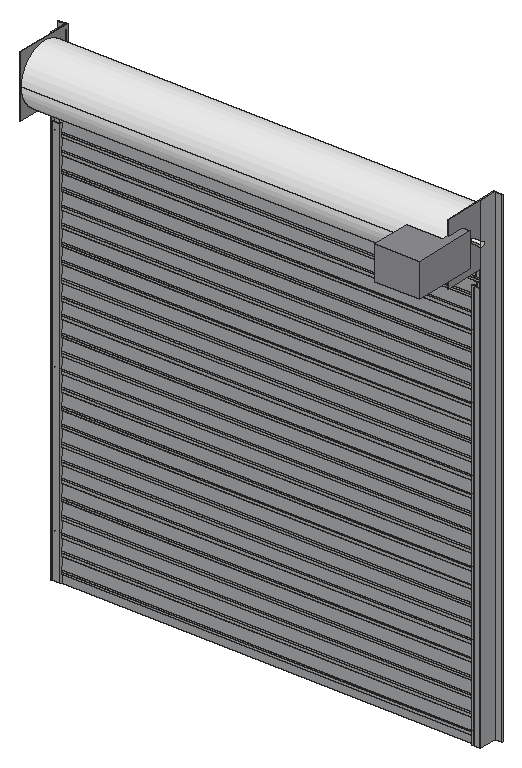
Revit family "Upward-Coiling-Security-Grilles_OHD_Model-674_compact", category Specialty Equipment, host Wall, Revit 2023
Family settings
  Host = Wall
  Round Connector Dimension = Use Diameter
  Part Type = Normal
  OmniClass Number = 23.30.10.21.34
  OmniClass Title = Industrial Doors
  Enable Cutting in Views = No
  Always vertical = Yes
  Cut with Voids When Loaded = Yes
  Maintain Annotation Orientation = No
  Shared = No
  Room Calculation Point = No
Parameters (values of type "115 volts, one phase, 60 Hz (110-120V range)")
  Warning Sign [instance] = if(Calculated Area > 683.00 SF, 1 = 1, 1 = 2)  # no
  Warning (Note) [instance] = if(Warning Sign, "The Door Area is out of the limit; please adjust accordingly. The maximum allowed area is 683 sq. ft.", if(Opening Height > 360", "Headroom Clearance Dimensions - out of the limits. Consult Factory", " "))  # " "
  Wall Thickness [instance] = 6"
  Voltage = 115 V
  Version = "1.00.01"  # constant formula
  True Opening Width [instance] = if(Between Jambs Mounting, Door Width True, Clear Width)  # 120"
  True Opening Height [instance] = if(Between Jambs Mounting, Clear Height + Headroom Height, Clear Height)  # 120"
  M2 Value [instance] = if(Face Of Wall Mounting, 4 3/4", 5 1/2")  # 4 3/4"
  Jambs Offset 2 [instance] = if(Between Jambs Mounting, BJ Displacement Real 2 + G Value, 0")  # 0"
  Door Half 1 [instance] = if(Between Jambs Mounting, Clear Width / 2 + BJ Displacement Real 1 + G Value, Clear Width / 2 + M1 Value)  # 64 3/4"
  Default Elevation = 0"
  Date Updated = "2026/05/29"  # constant formula
  Curtain Type [instance] = "Perforated"  # constant formula
  Slat Length [instance] = Clear Width + G Value * 2 - 1" / 2 * 2  # 124"
  Slat Height [instance] = 14 73/256"  # constant formula
  Product Page URL = "https://www.overheaddoor.com/upward-coiling-security-grilles-674"
  Power Factor = 1
  Powder Coat (Note) = "PowderGuard® Premium powder coat finish options are available in approximately 200 colors as well as custom matching to specification. PowderGuard® Textured finish, a thicker, more scratch resistant coat, is available in 11 colors providing enhanced scratch resistance as well as aiding in hiding the dirt and blemishes that often occur in commercial environments.​"  # constant formula
  Operator Visibility = yes
  Operation (Note) [instance] = "Door could operate by manual push, crank, electrical operator or chain hoist. Manual push up and crank could be used up to 80 sf, for larger door sizes you have to use Chain Hoist operator."  # constant formula
  Opening Width Real [instance] = if(Opening Width > Max Opening Width, Max Opening Width, if(Opening Width < Min Opening Width, Min Opening Width, Opening Width))  # 120"
  Opening Width [instance] = 120"
  Opening Height Real [instance] = if(Opening Height > Max Opening Height, Max Opening Height, if(Opening Height < Min Opening Height, Min Opening Height, Opening Height))  # 120"
  Opening Height [instance] = 120"
  One Array element [instance] = not(Array Vis)  # no
  Number of Poles = 1
  Motor Type [instance] = if(Between Jambs Mounting, if(Motor Option < 2, "CDX", if(Motor Option = 2, "E-Egress", if(Motor Option = 3, "RSX Front of Hood", "RSX Top of Hood"))), if(Motor Option < 2, "CDX", if(Motor Option = 2, "E-Egress", if(Motor Option = 3, "RSX Front of Hood", if(Motor Option = 4, "RSX Top of Hood", if(Motor Option = 5, "RSX Wall Mount", "RSX Bench Mount"))))))  # "CDX"
  Motor Selection (Note) [instance] = "Generic operator shown. Contact Overhead Door when dimensions are critical. "  # constant formula
  Motor Position [instance] = M1 Value - G Value  # 2 1/4"
  Motor Option Real [instance] = if(Between Jambs Mounting, if(Motor Option < 1, 1, if(Motor Option > 4, 4, Motor Option)), if(Motor Option < 1, 1, if(Motor Option > 6, 6, Motor Option)))  # 1
  Motor Option [instance] = 1
  Min Opening Width [instance] = 76"  # constant formula
  Min Opening Height [instance] = 76"  # constant formula
  Max Opening Width [instance] = 364"  # constant formula
  Max Opening Height [instance] = 208"  # constant formula
  M1 Value [instance] = if(Face Of Wall Mounting, 4 3/4", if(Chain Hoist or Manual, 5 1/2", 9 1/2"))  # 4 3/4"
  Lookup BD (A) [instance] = if(or(Opening Height Real < 79", Opening Height Real = 79"), 15", if(or(Opening Height Real < 130", Opening Height Real = 130"), 17", if(or(Opening Height Real < 190", Opening Height Real = 190"), 19", if(or(Opening Height Real < 234", Opening Height Real = 234"), 21", if(or(Opening Height Real < 270", Opening Height Real = 270"), 23", 25")))))  # 17"
  Jambs Offset 1 [instance] = if(Between Jambs Mounting, BJ Displacement Real 1 + G Value, 0")  # 0"
  Installation Real [instance] = if(Between Jambs Mounting, if((Wall Thickness / 2 - Guid Depth / 2) < 0", 0", Wall Thickness / 2 - Guid Depth / 2), Wall Thickness)  # 6"
  Hood Type [instance] = if(Hood Option < 2, "No Hood", if(Hood Option = 2, "Square Hood", if(Hood Option = 3, "Octagon Hood", "Round Hood")))  # "No Hood"
  Hood Option [instance] = 1
  Hood Offset [instance] = if(Chain Hoist or Manual, 3", 5")  # 5"
  Hood Material [instance] = Metal - Overhead Door - Gray
  Hood Height [instance] = [Lookup HH (B)]  # 18"
  Lookup HH (B) [instance] = if(or(Opening Height Real < 79", Opening Height Real = 79"), 16", if(or(Opening Height Real < 130", Opening Height Real = 130"), 18", if(or(Opening Height Real < 190", Opening Height Real = 190"), 20", if(or(Opening Height Real < 234", Opening Height Real = 234"), 22", if(or(Opening Height Real < 270", Opening Height Real = 270"), 24", 26")))))  # 18"
  Headroom Height Real [instance] = [Lookup HH (B)] + Hood Offset  # 23"
  Headroom Height [instance] = if(Between Jambs Mounting, Headroom Height Real, if(Hood Option > 1, Headroom Height Real + 1 1/2", Headroom Height Real))  # 23"
  Guide Type [instance] = if(Between Jambs Mounting, "Angled Between Jambs Z Guide", "Angled Z Guide")  # "Angled Z Guide"
  Guide Option [instance] = if(Between Jambs Mounting, 1, 2)  # 2
  Guid Depth [instance] = if(Between Jambs Mounting, D Value + 1/4", D Value)  # 5 1/2"
  G Value [instance] = 2 1/2"  # constant formula
  Frequency = 60 Hz
  Face of Wall Offset [instance] = if(Between Jambs Mounting, 0", 5")  # 5"
  Face Of Wall Mounting [instance] = not(Between Jambs Mounting)  # yes
  Door Width True [instance] = if(Between Jambs Mounting, Clear Width + BJ Displacement Real 1 + BJ Displacement Real 2 + G Value * 2, Clear Width + M1 Value + M2 Value)  # 129 1/2"
  Door Width (Real) [instance] = if(Between Jambs Mounting, Clear Width, Clear Width + 1" / 2)  # 120 1/2"
  Door Height True [instance] = Clear Height + Headroom Height  # 143"
  Door Height (Real) [instance] = Clear Height + Hood Offset  # 125"
  URL = "https://www.overheaddoor.com/"
  Product data url = "https://www.bimobject.com/overhead-door/product/upward-coiling-security-grilles-674"
  Product Guid = "3a0baff3-2843-4a5d-9b17-2c4668db9905"
  Model = "674"  # constant formula
  Manufacturer = "Overhead Door Corporation"  # constant formula
  Wall Closure = By host
  Floor To (CL) of Shaft [instance] = Clear Height + Hood Height / 2 + Hood Offset  # 134"
  Finish Material = Metal - Overhead Door - Aluminum
  Description = "Model 674 Security Grille"  # constant formula
  D Value [instance] = 5 1/2"  # constant formula
  Curtain Material [instance] = Metal - Overhead Door - Aluminum
  Clear Width [instance] = if(Between Jambs Mounting, Opening Width Real - BJ Displacement Real 1 - BJ Displacement Real 2 - G Value * 2, Opening Width Real)  # 120"
  Clear Height [instance] = if(Between Jambs Mounting, Opening Height Real - Headroom Height, Opening Height Real)  # 120"
  Chain Hoist or Manual = no
  Current = 20 A
  BimObject_Variable_Connectors = "No"  # constant formula
  Between Jambs Mounting [instance] = no
  Between Jambs Guides Offset 2 [instance] = M2 Value - G Value  # 2 1/4"
  Between Jambs Guides Offset 1 [instance] = M1 Value - G Value  # 2 1/4"
  Bar [instance] = if(and(Hood Option > 1, Face Of Wall Mounting), 1 = 1, 1 = 2)  # no
  Backroom Depth [instance] = [Lookup BD (A)]  # 17"
  BJ Opening Cut [instance] = if(Between Jambs Mounting, Headroom Height, 0")  # 0"
  BJ Displacement Real 2 [instance] = if(Between Jambs Mounting, Between Jambs Guides Offset 2, 0")  # 0"
  BJ Displacement Real 1 [instance] = if(Between Jambs Mounting, Between Jambs Guides Offset 1, 0")  # 0"
  Array Vis [instance] = if(Array < 2, 1 = 2, 1 = 1)  # yes
  Array Real [instance] = if(Array < 2, 2, Array)  # 9
  Array Length [instance] = (Array) * Slat Height  # 128 145/256"
  Array [instance] = rounddown(([Door Height (Real)] - 3") / Slat Height) + 1  # 9
  Calculated Area [instance] = [Door Width (Real)] * [Door Height (Real)]  # 104.601 SF
  Apparent Load Phase 3 = if(Number of Poles = 1, 0 VA, (Voltage * Current * sqrt(3)) / 3)  # 0 VA
  Apparent Load Phase 2 = if(Number of Poles = 1, 0 VA, (Voltage * Current * sqrt(3)) / 3)  # 0 VA
  Apparent Load Phase 1 = if(Number of Poles = 1, Voltage * Current, (Voltage * Current * sqrt(3)) / 3)  # 2300 VA
Reference planes (in)
  plane 1 "Center (Front/Back)": y = -14.625
  plane 2 "Center (Left/Right)": x = 0
  plane 3 "Left": x = -60
  plane 4 "Right": x = 60
  plane 5 "Exterior": y = -8.625
  plane 6 "Interior": y = -14.625
  plane 7: x = 64.75
  plane 8: x = -64.75
  plane 9: z = 120
  plane 10 "Main": y = -19.75
  plane 11 "Backroom Depth": y = -32.125
  plane 12 "Main Door Block": y = -15.125
  plane 13 "Bottom Bar": z = 2.75
  plane 14: y = -20.125
  plane 15: z = 131.31641
  plane 16: z = 143
  plane 17: z = 125
  plane 18: z = 144.5
  plane 19: z = 0
  plane 20: z = 60
  plane 21: y = -19.625
  plane 22: y = 18.375
  plane 23: y = -41.625
  plane 24 "Headroom Top": z = 143
  plane 25: z = 134
  plane 26: x = 62.5
  plane 27: x = -62.5
  plane 28: z = 117.03125
Forms (in)
  Extrusion 1, void
    sketch origin (0, -15.125, 0) x (0, 0, -1) y (-1, 0, 0)
      loop
        line (-120, 60) -> (-120, -60) -> (0, -60) -> (0, 60) -> (-120, 60)
    from 0.5 to 6.5
  Extrusion 2, solid, material "Metal - Overhead Door - Gray" <- "Hood Material", visible <- "Bar"
    sketch origin (0, 0, 0) x (0, 1, 0) y (0, 0, 1)
      loop
        line (-14.875, 143) -> (-14.625, 143) -> (-14.625, 144.5) -> (-14.875, 144.5) -> (-14.875, 143)
    from -62.25 to 62.25
Lines and regions (in)
  symbolic lines, visible <- "Bar"
    curve 1: line (62.25, -14.625, 0) -> (-62.25, -14.625, 0)
    curve 2: line (-62.25, -14.875, 0) -> (62.25, -14.875, 0)
Text (in)
  text "Exterior" at (-74.96733, 27.31104, 0), in view "Ref. Level"
  text "Interior" at (-74.96733, -25.14366, 0), in view "Ref. Level"
  text "Exterior" at (0, 40.15149, 123.01588), in view "Right"
  text "Interior" at (0, -64.39139, 123.01588), in view "Right"
  text "Interior" at (0, -31.01599, 123.00693), in view "Left"
  text "Exterior" at (0, 54.57065, 123.00693), in view "Left"
Dimensions and locks (in)
  equal spacing: plane 3 "Left", plane 2 "Center (Left/Right)", plane 4 "Right"
  "Clear Width": plane 3 "Left" to plane 4 "Right"
  level to host wall = 459.59655"
  "Clear Height": level to plane 9
  plane 7 to plane 8 = 129 1/2"
  locked: plane 13 "Bottom Bar" to level at 2.75
  "Door Width True": plane 7 to plane 8
  locked: plane 14 to plane 10 "Main" at 0.375
  "Array Length": plane 15 to plane 13 "Bottom Bar"
  "Backroom Depth": plane 11 "Backroom Depth" to plane 12 "Main Door Block"
  "Hood Height": plane 16 to plane 17
  locked: plane 18 to plane 16 at 1.5
  locked: Extrusion 2 sketch curve to Extrusion 2 sketch curve at 0.25
  "Installation Real": plane 1 "Center (Front/Back)" to plane 5 "Exterior"
  "Wall Thickness": host wall to host wall
  equal spacing: plane 9, plane 20, plane 19
  equal spacing: plane 22, host wall, plane 23
  locked: plane 22 to plane 23 at 60
  "BJ Opening Cut": Extrusion 1 sketch curve to plane 9
  locked: Extrusion 2 sketch curve to Extrusion 2 sketch curve at 1.5
  "Hood Offset": plane 17 to plane 9
  "Headroom Height": plane 24 "Headroom Top" to plane 9
  "Floor To (CL) of Shaft": plane 25 to level
  "Jambs Offset 1": plane 4 "Right" to Extrusion 1 sketch curve
  "Jambs Offset 2": Extrusion 1 sketch curve to plane 3 "Left"
  "Between Jambs Guides Offset 1": plane 7 to plane 26
  "Between Jambs Guides Offset 2": plane 27 to plane 8
  locked: plane 27 to Extrusion 2 at 0.25
  locked: Extrusion 2 to plane 26 at 0.25
  "Guid Depth": plane 14 to plane 1 "Center (Front/Back)"
  "Slat Height": plane 15 to plane 28
  equal spacing: group 1, group 3, group 4, group 5, group 6, group 7, group 8, group 9, group 2  (x3)
  locked: plane 14 to plane 21 at 0.5
  "Door Half 1": plane 7 to plane 2 "Center (Left/Right)"
  aligned and locked: plane 5 "Exterior" to host wall
  aligned and locked: host wall to plane 6 "Interior"
  aligned and locked: level to Extrusion 1 sketch curve
  aligned and locked: Extrusion 1 to plane 5 "Exterior"
  aligned and locked: plane 6 "Interior" to Extrusion 1
  aligned and locked: nested 1 to plane 2 "Center (Left/Right)"
  aligned and locked: plane 16 to nested 2
  aligned and locked: nested 1 to level
  aligned and locked: Extrusion 2 sketch curve to plane 18
  aligned and locked: Extrusion 2 sketch curve to plane 6 "Interior"
  aligned and locked: curve 1 to Extrusion 2  (x2)
  aligned and locked: curve 2 to Extrusion 2  (x2)
  aligned and locked: Extrusion 2 to curve 2
  aligned and locked: plane 5 "Exterior" to nested 2
  aligned and locked: level to plane 19
  aligned and locked: nested 1 to plane 1 "Center (Front/Back)"
  aligned and locked: plane 2 "Center (Left/Right)" to nested 3
  aligned and locked: nested 3 to plane 22
  aligned and locked: plane 23 to nested 4
  aligned and locked: nested 4 to plane 2 "Center (Left/Right)"
  aligned and locked: nested 5 to plane 20
  aligned and locked: plane 2 "Center (Left/Right)" to nested 5
  aligned and locked: nested 2 to plane 26
  aligned and locked: plane 13 "Bottom Bar" to nested 6
  aligned and locked: plane 28 to nested 7
  aligned and locked: nested 5 to plane 21
  aligned and locked: nested 6 to plane 10 "Main"
  aligned and locked: nested 7 to plane 10 "Main"
Automatic sketch dimensions
  curve 1 to curve 2 = 0"
Nested families (in)
  nested 1: "Lifts" at (0, -14.625, 0), type "Frame Unit"
    with Square Hood no, Round Hood no, Octagon Hood no
  nested 2: "Motor" at (62.0605, -31.625, 125), visible <- "Operator Visibility", type "Trolley Motor"
    with Not Chain Hoist no, Not Bench + Top yes, Horizontal Mount 0", Vertical Mount 18", Motor Option 1, Hood Mount 6.81", Face+Top no, Face Mount RSX no, Face + Top + Bench no, E-Egress no, Chain V Offset 9", Chain H Offset 0", CH Real no, CDX yes
  nested 3: "Label Annotation 1" at (0, 18.375, 0), visible <- "Warning Sign", type "Label Annotation 1"
  nested 4: "Label Annotation 1" at (0, -41.625, 0) x (-1, 0, 0) z (0, 0, 1), visible <- "Warning Sign", type "Label Annotation 1"
  nested 5: "Warning Sign" at (0, -19.625, 60), visible <- "Warning Sign", type "Warning Sign"
    with Warning Sign no
  nested 6: "626" at (0, -19.75, 2.75), visible <- "Array Vis", Opening Width <- "Slat Length", type "Standard - Gray"
    with Void Offset 3/8", Void Height 3.544", Slat Width 0.438", Slat Position + Offset 16.658", Slat Position 14.286", Slat Option 1, Opening Width 124", Cutout Width Offset 1", Cutout Vertical Offset 2.372", Cutout Thickness 3/4", Cutout Horizontal Offset 1"
  nested 7: "626" at (0, -19.75, 117.03125), visible <- "Array Vis", Opening Width <- "Slat Length", type "Standard - Gray"
    with Void Offset 3/8", Void Height 3.544", Slat Width 0.438", Slat Position + Offset 16.658", Slat Position 14.286", Slat Option 1, Opening Width 124", Cutout Width Offset 1", Cutout Vertical Offset 2.372", Cutout Thickness 3/4", Cutout Horizontal Offset 1"
  nested 8: "626" at (0, -19.75, 17.03516), visible <- "Array Vis", Opening Width <- "Slat Length", type "Standard - Gray"
    with Void Offset 3/8", Void Height 3.544", Slat Width 0.438", Slat Position + Offset 16.658", Slat Position 14.286", Slat Option 1, Opening Width 124", Cutout Width Offset 1", Cutout Vertical Offset 2.372", Cutout Thickness 3/4", Cutout Horizontal Offset 1"
  nested 9: "626" at (0, -19.75, 31.32031), visible <- "Array Vis", Opening Width <- "Slat Length", type "Standard - Gray"
    with Void Offset 3/8", Void Height 3.544", Slat Width 0.438", Slat Position + Offset 16.658", Slat Position 14.286", Slat Option 1, Opening Width 124", Cutout Width Offset 1", Cutout Vertical Offset 2.372", Cutout Thickness 3/4", Cutout Horizontal Offset 1"
  nested 10: "626" at (0, -19.75, 45.60547), visible <- "Array Vis", Opening Width <- "Slat Length", type "Standard - Gray"
    with Void Offset 3/8", Void Height 3.544", Slat Width 0.438", Slat Position + Offset 16.658", Slat Position 14.286", Slat Option 1, Opening Width 124", Cutout Width Offset 1", Cutout Vertical Offset 2.372", Cutout Thickness 3/4", Cutout Horizontal Offset 1"
  nested 11: "626" at (0, -19.75, 59.89063), visible <- "Array Vis", Opening Width <- "Slat Length", type "Standard - Gray"
    with Void Offset 3/8", Void Height 3.544", Slat Width 0.438", Slat Position + Offset 16.658", Slat Position 14.286", Slat Option 1, Opening Width 124", Cutout Width Offset 1", Cutout Vertical Offset 2.372", Cutout Thickness 3/4", Cutout Horizontal Offset 1"
  nested 12: "626" at (0, -19.75, 74.17578), visible <- "Array Vis", Opening Width <- "Slat Length", type "Standard - Gray"
    with Void Offset 3/8", Void Height 3.544", Slat Width 0.438", Slat Position + Offset 16.658", Slat Position 14.286", Slat Option 1, Opening Width 124", Cutout Width Offset 1", Cutout Vertical Offset 2.372", Cutout Thickness 3/4", Cutout Horizontal Offset 1"
  nested 13: "626" at (0, -19.75, 88.46094), visible <- "Array Vis", Opening Width <- "Slat Length", type "Standard - Gray"
    with Void Offset 3/8", Void Height 3.544", Slat Width 0.438", Slat Position + Offset 16.658", Slat Position 14.286", Slat Option 1, Opening Width 124", Cutout Width Offset 1", Cutout Vertical Offset 2.372", Cutout Thickness 3/4", Cutout Horizontal Offset 1"
  nested 14: "626" at (0, -19.75, 102.74609), visible <- "Array Vis", Opening Width <- "Slat Length", type "Standard - Gray"
    with Void Offset 3/8", Void Height 3.544", Slat Width 0.438", Slat Position + Offset 16.658", Slat Position 14.286", Slat Option 1, Opening Width 124", Cutout Width Offset 1", Cutout Vertical Offset 2.372", Cutout Thickness 3/4", Cutout Horizontal Offset 1"
Connectors (in)
  electrical at (65.0485, -30.23077, 135.5698), driven by "Apparent Load Phase 1", driven by "Power Factor", driven by "Voltage", driven by "Apparent Load Phase 2", driven by "Apparent Load Phase 3", driven by "Number of Poles"
    settings: on nested 2, index 1, voltage 115 V, apparent load 0 VA, apparent load phase1 2300 VA, apparent load phase2 0 VA, apparent load phase3 0 VA, power factor 1, load classification "Other", number of poles 1, system type 31, power factor state 1, is connector primary yes, connector utility no, sub classification motor no, connector description "Electrical Connector"
Definition of nested family "Lifts"
  Parameters (values of type "Frame Unit")
    True Width = if(Between Jambs, Opening Width, Opening Width + 1/2")  # 120 1/2"
    Square Hood [instance] = if(Hood Option = 2, 1 = 1, 1 = 2)  # no
    Slat Option = 1
    Round Hood [instance] = if(Hood Option > 3, 1 = 1, 1 = 2)  # no
    Rough Width = 0"
    Rough Height = 0"
    Octagon Hood [instance] = if(Hood Option = 3, 1 = 1, 1 = 2)  # no
    No Hood = if(Hood Option < 2, 1 = 1, 1 = 2)  # yes
    M2 Value = 4 3/4"
    M1 Value = 4 3/4"
    Hood Type = if(Hood Option < 2, "No Hood", if(Hood Option = 2, "Square Hood", if(Hood Option = 3, "Octagon Hood", "Round Hood")))  # "No Hood"
    Hood Option = 1
    Hood Offset = 5"
    Hood Height = Headroom Height Real - Hood Offset  # 18"
    Headroom Height Real = Headroom Height  # 23"
    Half Octagon Side = (Radius Hood * 2 * tan(180.00° / 8)) / 2  # 3.52082"
    Half Hood Height = Headroom Height - Hood Offset  # 18"
    Guide Z2 Wide = if(Between Jambs, Guide Offset 2 - G Value + BJ Connection Length 2 - BJ2 Displacement * 2 / 3, M2 Value - G Value)  # 2 1/4"
    Guide Z1 Wide = if(Between Jambs, Guide Offset 1 - G Value + BJ Connection Length 1 - BJ1 Displacement * 2 / 3, M1 Value - G Value)  # 2 1/4"
    Guide Offset 2 = BJ2 Displacement + G Value  # 2 1/2"
    Guide Offset 1 = BJ1 Displacement + G Value  # 2 1/2"
    G Value = 2 1/2"
    E2 Guide Width = if(Between Jambs, Guide Offset 2 - G Value + BJ Connection Length 2 - BJ2 Displacement * 2 / 3, 3")  # 3"
    E1 Guide Width = if(Between Jambs, Guide Offset 1 - G Value + BJ Connection Length 1 - BJ1 Displacement * 2 / 3, 3")  # 3"
    E Guide Height = D Value - 1/2"  # 5"
    Z Guide = 1 = 1  # yes
    Slat Material = none
    Shaft Offset = if(Hood Option > 3, (Header Width - (Header Width - Hood Height)) / 2, if(Hood Height < Header Width, (Header Width - (Header Width - Hood Height)) / 2, Header Width / 2))  # 8 1/2"
    Shaft Material = none
    Shaft Length 1 = if(Between Jambs, G Value + BJ1 Displacement, G Value + 3")  # 5 1/2"
    Shaft Length 2 = if(Between Jambs, G Value + BJ2 Displacement, G Value + 3")  # 5 1/2"
    Setback = 0"  # constant formula
    Radius Hood = Shaft Offset  # 8 1/2"
    Opening Width = 120"
    Hood Material = none
    Headroom Height = 23"
    Header Width = 17"
    Opening Height = 120"
    Guide Type = if(Between Jambs, "Angled Between Jambs Z Guide", if(Guide Option > 1, "Angled Z Guide", "Angled E Guide"))  # "Angled Z Guide"
    Guide Option = if(Between Jambs, 1, 2)  # 2
    Guide Z Height = D Value  # 5 1/2"
    Floor To (CL) of Shaft = 134"
    Finish Material = none
    Face to Wall Mount = not(Between Jambs)  # yes
    E Guide = if(Between Jambs, 1 = 1, 1 = 2)  # no
    Default Elevation = 0"
    D Value = 5 1/2"
    Custom Hood = not(No Hood)  # no
    Between Jambs = no
    BJ2 Displacement = 0"
    BJ1 Displacement = 0"
    BJ Position = if(Between Jambs, 1/4", 0")  # 0"
    BJ Connection Length 2 = 1 / 3 * BJ2 Displacement  # 0"
    BJ Connection Length 1 = 1 / 3 * BJ1 Displacement  # 0"
    Angled Guide = 1 = 1  # yes
  Reference planes (in)
    plane 1 "Center (Front/Back)": y = 0
    plane 2: z = 0
    plane 3 "Center (Left/Right)": x = 0
    plane 4 "Opening Height": z = 120
    plane 5: x = -65.5
    plane 6: x = 65.5
    plane 7: z = 143
    plane 8: y = 17
    plane 9 "Real Opening 2": x = -60
    plane 10 "Real Opening 1": x = 60
    plane 11: z = 125
    plane 12 "Main": y = 0
    plane 13: z = 134
    plane 14: y = 8.5
    plane 15: x = 62.5
    plane 16: x = -62.5
    plane 17: x = -62.5
    plane 18: x = 62.5
    plane 19: y = 5.5
    plane 20: x = -62.25
    plane 21: x = 62.25
    plane 22: y = 8.5
    plane 23: z = 144.5
    plane 24: y = 5.5
    plane 25: y = 4.75
    plane 26: y = 5.5
    plane 27: y = 4.75
    plane 28: y = 8.5
  Forms (in)
    Extrusion 1, solid, material <- "Slat Material"
      sketch origin (0, 0, 0) x (0, 1, 0) y (0, 0, 1)
        loop
          line (5, 2.375) -> (5, 2.75) -> (4.5, 2.75) -> (4.5, 2.375) -> (5, 2.375)
      from -62.25 to 62.25
    Extrusion 2, solid, material <- "Slat Material"
      sketch origin (0, 0, 0) x (0, 1, 0) y (0, 0, 1)
        loop
          line (5, 2.375) -> (4.5, 2.375) -> (4.5, 0) -> (5, 0) -> (5, 2.375)
      from -62.25 to 62.25
    Extrusion 3, solid, material <- "Shaft Material"
      sketch origin (0, -5.35201, 0) x (0, 1, 0) y (0, 0, 1)
        loop
          circle (13.85201, 134) r 0.6
      from -65.5 to 65.5
    Extrusion 4, solid, material <- "Hood Material", visible <- "Square Hood"
      sketch origin (0, 0, 0) x (0, 1, 0) y (0, 0, 1)
        loop
          line (0, 125) -> (17, 125) -> (17, 143) -> (0, 143) -> (0, 125)
      from -62.25 to 62.25
    Extrusion 5, solid, material <- "Hood Material", visible <- "Round Hood"
      sketch origin (0, 0, 0) x (0, 1, 0) y (0, 0, 1)
        loop
          line (0, 143) -> (0, 125) -> (8.5, 125)
          arc (8.5, 125) -> (17.5, 134) -> (8.5, 143) r 9
          line (8.5, 143) -> (0, 143)
      from -62.25 to 62.25
    Extrusion 6, solid, material <- "Finish Material", visible <- "E Guide"
      sketch origin (0, 0, 0) x (1, 0, 0) y (0, 1, 0)
        loop
          line (59.5, 0) -> (62.312, 0)
          arc (62.312, 0) -> (62.44494, 0.05506) -> (62.5, 0.188) r 0.188
          line (62.5, 0.188) -> (62.5, 5) -> (62.25, 5) -> (62.25, 0.25) -> (59.5, 0.25) -> (59.5, 0)
        loop
          line (-59.5, 0) -> (-59.5, 0.25) -> (-62.25, 0.25) -> (-62.25, 5) -> (-62.5, 5) -> (-62.5, 0.188)
          arc (-62.5, 0.188) -> (-62.44494, 0.05506) -> (-62.312, 0) r 0.188
          line (-62.312, 0) -> (-59.5, 0)
      from 0 to 143
    Extrusion 7, solid, material <- "Finish Material", visible <- "Z Guide"
      sketch origin (0, 0, 0) x (1, 0, 0) y (0, 1, 0)
        loop
          line (64.75, 0) -> (64.75, 0.25) -> (62.75, 0.25) -> (62.75, 5.5) -> (62.5, 5.5) -> (62.5, 0.188)
          arc (62.5, 0.188) -> (62.55506, 0.05506) -> (62.688, 0) r 0.188
          line (62.688, 0) -> (64.75, 0)
        loop
          line (-64.75, 0) -> (-62.688, 0)
          arc (-62.688, 0) -> (-62.55506, 0.05506) -> (-62.5, 0.188) r 0.188
          line (-62.5, 0.188) -> (-62.5, 5.5) -> (-62.75, 5.5) -> (-62.75, 0.25) -> (-64.75, 0.25) -> (-64.75, 0)
      from 0 to 143
    Extrusion 8, solid, material <- "Finish Material", visible <- "Angled Guide"
      sketch origin (0, 0, 0) x (1, 0, 0) y (0, 1, 0)
        loop
          line (60, 5.5) -> (60, 5) -> (60.5625, 5) -> (60.5625, 5.3125) -> (62.3125, 5.3125) -> (62.3125, 4.1875) -> (60.5625, 4.1875) -> (60.5625, 4.5) -> (60, 4.5) -> (60, 4) -> (62.5, 4) -> (62.5, 5.5) -> (60, 5.5)
        loop
          line (-60, 5.5) -> (-62.5, 5.5) -> (-62.5, 4) -> (-60, 4) -> (-60, 4.5) -> (-60.5625, 4.5) -> (-60.5625, 4.1875) -> (-62.3125, 4.1875) -> (-62.3125, 5.3125) -> (-60.5625, 5.3125) -> (-60.5625, 5) -> (-60, 5) -> (-60, 5.5)
      from 0 to 120
    Extrusion 9, solid, material <- "Hood Material"
      sketch origin (0, 0, 0) x (-1, 0, 0) y (0, 0, 1)
        loop
          line (62.25, 125) -> (62.5, 125) -> (62.5, 143) -> (62.25, 143) -> (62.25, 125)
        loop
          line (-62.5, 125) -> (-62.25, 125) -> (-62.25, 143) -> (-62.5, 143) -> (-62.5, 125)
      from 0 to 17
    Extrusion 10, solid, material <- "Shaft Material", visible <- "No Hood"
      sketch origin (0, 0, 0) x (0, 1, 0) y (0, 0, 1)
        loop
          circle (8.5, 134) r 8.5
      from -62.25 to 62.25
    Extrusion 11, solid, material <- "Hood Material", visible <- "Octagon Hood"
      sketch origin (0, 0, 0) x (0, 1, 0) y (0, 0, 1)
        loop
          line (0, 143) -> (0, 125) -> (12.02082, 125) -> (17, 130.47918) -> (17, 137.52082) -> (12.02082, 143) -> (0, 143)
      from -62.25 to 62.25
  Lines and regions (in)
    Masking region 1
      outline origin (0, 0, 0) x (1, 0, 0) y (0, 1, 0)
        loop
          line (65.5, 9.1) -> (62.5, 9.1) -> (62.5, 7.9) -> (65.5, 7.9) -> (65.5, 9.1)
        loop
          line (-65.5, 7.9) -> (-62.5, 7.9) -> (-62.5, 9.1) -> (-65.5, 9.1) -> (-65.5, 7.9)
    Masking region 2, visible <- "Z Guide"
      outline origin (0, 0, 0) x (1, 0, 0) y (0, 1, 0)
        loop
          line (-62.5, 0.188) -> (-62.5, 5.5) -> (-62.75, 5.5) -> (-62.75, 0.25) -> (-64.75, 0.25) -> (-64.75, 0) -> (-62.688, 0)
          arc (-62.688, 0) -> (-62.55506, 0.05506) -> (-62.5, 0.188) r 0.188
        loop
          line (62.5, 5.5) -> (62.5, 0.188)
          arc (62.5, 0.188) -> (62.55506, 0.05506) -> (62.688, 0) r 0.188
          line (62.688, 0) -> (64.75, 0) -> (64.75, 0.25) -> (62.75, 0.25) -> (62.75, 5.5) -> (62.5, 5.5)
    Masking region 3, visible <- "E Guide"
      outline origin (0, 0, 0) x (1, 0, 0) y (0, 1, 0)
        loop
          line (62.5, 0.188) -> (62.5, 5) -> (62.25, 5) -> (62.25, 0.25) -> (59.5, 0.25) -> (59.5, 0) -> (62.312, 0)
          arc (62.312, 0) -> (62.44494, 0.05506) -> (62.5, 0.188) r 0.188
        loop
          line (-62.25, 0.25) -> (-62.25, 5) -> (-62.5, 5) -> (-62.5, 0.188)
          arc (-62.5, 0.188) -> (-62.44494, 0.05506) -> (-62.312, 0) r 0.188
          line (-62.312, 0) -> (-59.5, 0) -> (-59.5, 0.25) -> (-62.25, 0.25)
    Masking region 4, visible <- "No Hood"
      outline origin (0, 0, 0) x (1, 0, 0) y (0, 1, 0)
        loop
          line (-62.25, 17) -> (-62.25, 0) -> (62.25, 0) -> (62.25, 17) -> (-62.25, 17)
    Masking region 5, visible <- "Custom Hood"
      outline origin (0, 0, 0) x (1, 0, 0) y (0, 1, 0)
        loop
          line (-62.25, 17) -> (-62.25, 0) -> (62.25, 0) -> (62.25, 17) -> (-62.25, 17)
    Masking region 6
      outline origin (0, 0, 0) x (1, 0, 0) y (0, 1, 0)
        loop
          line (-62.5, 17) -> (-62.5, 0) -> (-62.25, 0) -> (-62.25, 17) -> (-62.5, 17)
        loop
          line (62.25, 17) -> (62.25, 0) -> (62.5, 0) -> (62.5, 17) -> (62.25, 17)
    symbolic lines
      curve 1: line (-62.25, 0, 0) -> (-62.25, 17, 0)
      curve 2: line (62.25, 17, 0) -> (62.25, 0, 0)
    symbolic lines, visible <- "Octagon Hood"
      curve 3: line (-62.25, 12.02082, 0) -> (62.25, 12.02082, 0)
  Dimensions and locks (in)
    Extrusion 1 sketch curve to level = 2 3/8"
    locked: Extrusion 1 sketch curve to Extrusion 1 sketch curve at 0.5
    locked: Extrusion 2 sketch curve to level at 2.375
    "Headroom Height Real": plane 7 to plane 4 "Opening Height"
    plane 8 to plane 1 "Center (Front/Back)" = 17"
    "Radius Hood": Extrusion 5 sketch curve to plane 8
    "Opening Height": plane 4 "Opening Height" to level
    "Hood Offset": plane 11 to plane 4 "Opening Height"
    "BJ Position": plane 12 "Main" to plane 1 "Center (Front/Back)"
    "Header Width": plane 12 "Main" to plane 8
    "Floor To (CL) of Shaft": plane 13 to level
    "Shaft Offset": Extrusion 3 sketch curve to plane 8
    locked: Extrusion 2 sketch curve to Extrusion 2 sketch curve at 0.5
    "Shaft Offset": plane 8 to plane 14
    locked: Masking region 1 sketch curve to Masking region 1 sketch curve at 1.2
    locked: Masking region 1 sketch curve to plane 14 at 0.6
    "Guide Offset 1": plane 10 "Real Opening 1" to plane 15
    "Guide Offset 2": plane 16 to plane 9 "Real Opening 2"
    locked: Extrusion 6 sketch curve to Extrusion 6 sketch curve at 0.25  (x4)
    "E Guide Height": Extrusion 6 sketch curve to Extrusion 6 sketch curve  (x2)
    "E1 Guide Width": Extrusion 6 sketch curve to Extrusion 6 sketch curve
    "E2 Guide Width": Extrusion 6 sketch curve to Extrusion 6 sketch curve
    locked: Extrusion 7 sketch curve to Extrusion 7 sketch curve at 0.25  (x4)
    "Guide Z1 Wide": Extrusion 7 sketch curve to Extrusion 7 sketch curve
    "Guide Z Height": Extrusion 7 sketch curve to Extrusion 7 sketch curve  (x2)
    "Guide Z2 Wide": Extrusion 7 sketch curve to Extrusion 7 sketch curve
    "G Value": Extrusion 7 sketch curve to plane 9 "Real Opening 2"
    "G Value": plane 10 "Real Opening 1" to Extrusion 7 sketch curve
    "G Value": plane 10 "Real Opening 1" to plane 18
    "G Value": plane 17 to plane 9 "Real Opening 2"
    "Shaft Length 2": plane 5 to plane 9 "Real Opening 2"
    "Shaft Length 1": plane 6 to plane 10 "Real Opening 1"
    locked: Extrusion 2 to plane 18 at 0.25
    locked: Extrusion 2 to plane 17 at 0.25
    locked: plane 17 to plane 20 at 0.25
    locked: plane 21 to plane 18 at 0.25
    "Shaft Offset": Extrusion 10 sketch curve to plane 8
    plane 13 to plane 11 = 9"
    plane 7 to plane 13 = 9"
    "Shaft Offset": plane 22 to plane 8
    "Half Octagon Side": Extrusion 11 sketch curve to plane 13
    "Half Octagon Side": plane 13 to Extrusion 11 sketch curve
    "Half Octagon Side": plane 22 to Extrusion 11 sketch curve  (x2)
    equal spacing: plane 9 "Real Opening 2", plane 3 "Center (Left/Right)", plane 10 "Real Opening 1"
    "Opening Width": plane 9 "Real Opening 2" to plane 10 "Real Opening 1"
    locked: plane 23 to plane 7 at 1.5
    "D Value": plane 1 "Center (Front/Back)" to plane 19
    "D Value": plane 24 to plane 1 "Center (Front/Back)"
    locked: plane 24 to plane 25 at 0.75
    equal spacing: Extrusion 1 sketch curve, plane 25, Extrusion 1 sketch curve
    "D Value": plane 26 to plane 1 "Center (Front/Back)"
    locked: plane 26 to plane 27 at 0.75
    equal spacing: Extrusion 2 sketch curve, plane 27, Extrusion 2 sketch curve
    locked: Extrusion 8 sketch curve to Extrusion 8 sketch curve at 0.5  (x4)
    locked: Extrusion 8 sketch curve to Extrusion 8 sketch curve at 1.5  (x2)
    locked: Extrusion 8 sketch curve to Extrusion 8 sketch curve at 0.5625  (x2)
    locked: Extrusion 8 sketch curve to Extrusion 8 sketch curve at 0.1875  (x6)
    "Setback": Extrusion 8 sketch curve to plane 9 "Real Opening 2"
    "G Value": Extrusion 8 sketch curve to Extrusion 8 sketch curve  (x2)
    "Setback": plane 10 "Real Opening 1" to Extrusion 8 sketch curve
    "Shaft Offset": plane 8 to plane 28
    "Radius Hood": plane 28 to Masking region 4 sketch curve
    "Radius Hood": radius of Extrusion 10 sketch curve
    locked: Extrusion 7 sketch curve to Extrusion 7 sketch curve (radius 0.188")  (x2)
    locked: Extrusion 6 sketch curve to Extrusion 6 sketch curve (radius 0.188")  (x2)
    aligned and locked: plane 2 to level
    aligned and locked: plane 5 to Extrusion 3
    aligned and locked: Extrusion 3 to plane 6
    aligned and locked: Extrusion 4 sketch curve to plane 7
    aligned and locked: Extrusion 4 sketch curve to plane 8
    aligned and locked: Extrusion 5 sketch curve to plane 7
    aligned and locked: plane 13 to Extrusion 3 sketch curve
    aligned and locked: plane 5 to Masking region 1 sketch curve
    aligned and locked: plane 6 to Masking region 1 sketch curve
    aligned and locked: Masking region 1 sketch curve to Masking region 1 sketch curve  (x2)
    aligned and locked: plane 12 "Main" to Extrusion 6 sketch curve  (x2)
    aligned and locked: Extrusion 6 sketch curve to plane 15
    aligned and locked: plane 16 to Extrusion 6 sketch curve
    aligned and locked: Extrusion 7 sketch curve to plane 1 "Center (Front/Back)"  (x2)
    aligned and locked: plane 4 "Opening Height" to Extrusion 8
    aligned and locked: Extrusion 5 sketch curve to plane 12 "Main"
    aligned and locked: plane 12 "Main" to Extrusion 4 sketch curve
    aligned and locked: Extrusion 9 sketch curve to plane 11  (x2)
    aligned and locked: Extrusion 9 sketch curve to plane 7  (x2)
    aligned and locked: plane 17 to Extrusion 9 sketch curve
    aligned and locked: Extrusion 9 sketch curve to plane 18
    aligned and locked: Extrusion 2 to Extrusion 1
    aligned and locked: Extrusion 1 to Extrusion 2
    aligned and locked: Extrusion 9 to curve 1
    aligned and locked: Extrusion 9 to curve 2
    aligned and locked: plane 18 to Masking region 1 sketch curve
    aligned and locked: Masking region 1 sketch curve to plane 17
    aligned and locked: plane 20 to Extrusion 9 sketch curve
    aligned and locked: plane 21 to Extrusion 9 sketch curve
    aligned and locked: plane 20 to Extrusion 4
    aligned and locked: plane 20 to Extrusion 5
    aligned and locked: Extrusion 4 to plane 21
    aligned and locked: Extrusion 5 to plane 21
    aligned and locked: plane 13 to Extrusion 10 sketch curve
    aligned and locked: Extrusion 11 sketch curve to plane 12 "Main"
    aligned and locked: Extrusion 11 sketch curve to plane 7
    aligned and locked: Extrusion 11 sketch curve to plane 11
    aligned and locked: Extrusion 11 sketch curve to plane 8
    aligned and locked: Extrusion 11 to plane 20
    aligned and locked: Extrusion 11 to plane 21
    aligned and locked: plane 20 to Extrusion 10
    aligned and locked: Extrusion 10 to plane 21
    aligned and locked: plane 8 to Extrusion 9
    aligned and locked: Extrusion 11 to curve 3
    aligned and locked: plane 20 to curve 3
    aligned and locked: plane 21 to curve 3
    aligned and locked: plane 7 to Extrusion 7
    aligned and locked: plane 7 to Extrusion 6
    aligned and locked: Extrusion 4 sketch curve to plane 11
    aligned and locked: Extrusion 5 sketch curve to plane 11
    aligned and locked: Extrusion 8 sketch curve to Extrusion 8 sketch curve  (x4)
    aligned and locked: Extrusion 8 sketch curve to plane 19
    aligned and locked: plane 19 to Extrusion 8 sketch curve
    aligned and locked: Masking region 2 sketch curve to Extrusion 7  (x12)
    aligned and locked: Masking region 3 sketch curve to Extrusion 6  (x12)
    aligned and locked: Masking region 4 sketch curve to Extrusion 10  (x2)
    aligned and locked: plane 8 to Masking region 4 sketch curve
    aligned and locked: Masking region 5 sketch curve to Extrusion 4  (x4)
    aligned and locked: Masking region 6 sketch curve to Extrusion 9  (x8)
  Automatic sketch dimensions
    plane 1 "Center (Front/Back)" to curve 2 = 0"
    curve 1 to plane 1 "Center (Front/Back)" = 0"
    curve 2 to plane 8 = 0"
    curve 1 to plane 8 = 0"
    Extrusion 1 sketch curve to Extrusion 1 sketch curve = 3/8"
    Extrusion 2 sketch curve to level = 0"
    radius of Extrusion 3 sketch curve = 0.6"
Definition of nested family "Motor"
  Parameters (values of type "Trolley Motor")
    Wall Mount RSX = if(Chain Hoist, 1 = 2, if(Motor Option = 5, 1 = 1, 1 = 2))  # no
    Top Mount RSX = if(Chain Hoist, 1 = 2, if(Motor Option = 4, 1 = 1, 1 = 2))  # no
    Shaft Material = none
    Real Exterior Wall Offset = if(Wall Mount RSX, Displacement, Exterior Wall Offset)  # 6"
    Not Chain Hoist = not(or(CDX, Chain Hoist))  # yes
    Not Bench + Top = not(or([E-Egress], Top Mount RSX, Chain Hoist, Bench Mount RSX))  # no
    Horizontal Mount = if(or([E-Egress], Face Mount RSX), 5.08" + 0.12" + 2.38", if(Top Mount RSX, 11.19", if(Wall Mount RSX, 5.08", if(Bench Mount RSX, 4.77" + if(or(Hood Width < 14", Hood Width = 14"), 6.13", if(or(Hood Width < 16", Hood Width = 16"), 4.13", 3 1/4")), 0"))))  # 7.58"
    Not Fire King = if(Chain Hoist, 1 = 2, not(Chain Hoist))  # yes
    Vertical Mount = if(or([E-Egress], Face Mount RSX), 11.07" + Hood Height / 2, if(Top Mount RSX, 14.92" - 0.13" - 2.38", if(Wall Mount RSX, 20.03" + 6" + Hood Height / 2, if(Bench Mount RSX, 20" + 2.29" + Hood Height / 2, Hood Height))))  # 20.07"
    Motor Type = if(BJ, if(Motor Option < 2, "CDX", if(Motor Option = 2, "E-Egress", if(Motor Option = 3, "RSX Front of Hood", "RSX Top of Hood"))), if(Motor Option < 2, "CDX", if(Motor Option = 2, "E-Egress", if(Motor Option = 3, "RSX Front of Hood", if(Motor Option = 4, "RSX Top of Hood", if(Motor Option = 5, "RSX Wall Mount", "RSX Bench Mount"))))))  # "E-Egress"
    Motor Option = 2
    Main Material = none
    Hood Width Real = if(Wall Mount RSX, 0", if(Chain Hoist, if(Hood Height < Hood Width, (Hood Width + (Hood Width - Hood Height)) / 2, Hood Width / 2), Hood Width))  # 17"
    Hood Width = 17"
    Hood Material = none
    Hood Height = 18"
    Hood Mount = if(or([E-Egress], Face Mount RSX, Top Mount RSX), 0.37", if(Wall Mount RSX, if(BJ, 12.24" + BJ Displacement, 14.74"), if(Bench Mount RSX, 14.49", if(CDX, 6.81", 4.26"))))  # 0.37"
    Floor To Cl Shaft = 134"
    Fire King RHX = 1 = 2  # no
    Top Option Offset = if(or(Top Mount RSX, Bench Mount RSX), 20", 0")  # 0"
    Face+Top = if(Chain Hoist, 1 = 2, if(or(Face Mount RSX, Top Mount RSX), 1 = 1, 1 = 2))  # yes
    Face Mount RSX = if(Chain Hoist, 1 = 2, if(or(Motor Option = 2, Motor Option = 3), 1 = 1, 1 = 2))  # yes
    Top + Bench = if(Chain Hoist, 1 = 2, if(or(Top Mount RSX, Bench Mount RSX), 1 = 1, 1 = 2))  # no
    Face + Top + Bench = if(Chain Hoist, 1 = 2, if(or(Face Mount RSX, Top Mount RSX, Bench Mount RSX), 1 = 1, 1 = 2))  # yes
    Exterior Wall Offset = 6"
    E-Egress = if(Chain Hoist, 1 = 2, if(Motor Option = 2, 1 = 1, 1 = 2))  # yes
    Displacement = 6"
    Default Elevation = 48"
    Chain V Offset = if(or([E-Egress], Face Mount RSX, Wall Mount RSX), 6.53", if(or(Top Mount RSX, Bench Mount RSX), 18.81", Hood Height / 2))  # 6.53"
    Chain H Offset = if(or(Face Mount RSX, Wall Mount RSX), 1.19", if(or(Top Mount RSX, Bench Mount RSX), 6.53", 0"))  # 1.19"
    Chain Hoist = no
    CH Real = not(CDX)  # yes
    CDX = if(Chain Hoist, 1 = 2, if(Motor Option < 2, 1 = 1, 1 = 2))  # no
    Bench Mount RSX = if(Chain Hoist, 1 = 2, if(Motor Option > 5, 1 = 1, 1 = 2))  # no
    BJ Displacement = 0"
    BJ = no
    Angle = if(or(Bench Mount RSX, Top Mount RSX), 90.00°, 180.00°)  # 180.00°
  Reference planes (in)
    plane 1 "Center (Front/Back)": y = 0
    plane 2: z = 0
    plane 3 "Center (Left/Right)": x = 0
    plane 4: y = 0
    plane 5: y = 1.19
    plane 6: z = -127.47
    plane 7: z = -97.47
    plane 8: z = 6.53
    plane 9 "Chain Hoist": z = 6.53
    plane 10 "Top Of Hood": z = 20.07
    plane 11: y = 7.58
    plane 12: z = 0
    plane 13 "Hood Face": x = 6.8795
    plane 14: x = 7.2495
    plane 15: y = 24.58
    plane 16 "Wall": y = 30.58
  Forms (in)
    Extrusion 1, solid, material <- "Main Material", visible <- "Not Chain Hoist"
      sketch origin (0, 0, 18.8898) x (1, 0, 0) y (0, 1, 0)
        loop
          line (-4.134, -2.41307) -> (4.116, -2.41307) -> (4.116, -2.29347) -> (3.108, -2.29347)
          arc (3.108, -2.29347) -> (3.02315, -2.25832) -> (2.988, -2.17347) r 0.12
          line (2.988, -2.17347) -> (2.988, 4.96193) -> (-2.988, 4.96193) -> (-2.988, -2.17347)
          arc (-2.988, -2.17347) -> (-3.02315, -2.25832) -> (-3.108, -2.29347) r 0.12
          line (-3.108, -2.29347) -> (-4.134, -2.29347) -> (-4.134, -2.41307)
      from -16.64 to 0
    Extrusion 2, solid, material <- "Main Material", visible <- "Not Chain Hoist"
      sketch origin (0, 0, 18.8898) x (1, 0, 0) y (0, 1, 0)
        loop
          line (-4.134, -2.41307) -> (-4.134, -5.05565) -> (-4.3324, -5.05565) -> (-4.3324, -5.3122)
          arc (-4.3324, -5.3122) -> (-4.24466, -5.55085) -> (-4.02324, -5.67585) r 0.36846
          arc (-4.02324, -5.67585) -> (0, -6.0017) -> (4.02324, -5.67585) r 25
          arc (4.02324, -5.67585) -> (4.24466, -5.55085) -> (4.3324, -5.3122) r 0.36846
          line (4.3324, -5.3122) -> (4.3324, -5.05565) -> (4.116, -5.05565) -> (4.116, -2.41307) -> (-4.134, -2.41307)
      from -17 to 0.35839
    Revolve 3, solid, material <- "Main Material", visible <- "Not Chain Hoist"
      sketch origin (2.0828, 5.66524, 0) x (0, -1, 0) y (1, 0, 0)
        loop
          line (5.66524, -9.0813) -> (5.66524, 3.1162) -> (4.82413, 3.1162) -> (4.82413, 2.7162) -> (4.39283, 2.7162) -> (4.39283, 2.4872) -> (2.50257, 2.4872) -> (2.50257, -6.6585) -> (3.79863, -6.6585) -> (3.79863, -7.51105) -> (3.89778, -7.6102) -> (5.36033, -7.6102) -> (5.36033, -7.8313) -> (4.69783, -7.8313) -> (4.69783, -9.0813) -> (5.66524, -9.0813)
        axis (5.66524, -9.0813) -> (5.66524, 3.1162)
      angle from 0 to 360
    Extrusion 4, solid, material <- "Main Material", visible <- "Wall Mount RSX"
      sketch origin (0, 0, 18.8898) x (1, 0, 0) y (0, 1, 0)
        loop
          line (-2.988, 5.08193) -> (-4.988, 5.08193) -> (-4.988, 4.96193) -> (-3.108, 4.96193) -> (-3.108, 1.46193) -> (-2.988, 1.46193) -> (-2.988, 5.08193)
        loop
          line (2.988, 5.08193) -> (2.988, 1.46193) -> (3.108, 1.46193) -> (3.108, 4.96193) -> (4.988, 4.96193) -> (4.988, 5.08193) -> (2.988, 5.08193)
      from -16.64 to 1.14
    Extrusion 5, solid, material <- "Main Material", visible <- "CH Real"
      sketch origin (0, 0.00141, 3.59957) x (0, 0, 1) y (0, -1, 0)
        loop
          circle (2.93043, -1.18859) r 3
      from 7.52 to 7.2495
    Sweep 6, solid, material <- "Main Material", visible <- "CH Real"
      path origin (7.38475, 9.53, 48) x (0, 1, 0) y (0, 0, 1)
        loop
          line (-11.34, -41.47) -> (-11.34, -145.47)
          arc (-11.34, -145.47) -> (-8.34, -148.47) -> (-5.34, -145.47) r 3
          line (-5.34, -145.47) -> (-5.34, -41.47)
      profile origin (7.38475, -1.81, -45.47) x (1, 0, 0) y (0, 1, 0)
        loop
          circle (0, 0.1) r 0.1
    Extrusion 7, solid, material <- "Main Material", visible <- "CH Real"
      sketch origin (0, 0.00141, 3.59957) x (0, 0, 1) y (0, -1, 0)
        loop
          circle (2.93043, -1.18859) r 0.4
      from 8.82 to 0
    Extrusion 8, solid, material <- "Main Material", visible <- "Face+Top"
      sketch origin (0, 0, 18.8898) x (1, 0, 0) y (0, 1, 0)
        loop
          line (7.2495, 5.08193) -> (7.2495, 9.82193) -> (7.1295, 9.82193) -> (7.1295, 5.20193) -> (-2.988, 5.20193) -> (-2.988, 5.08193) -> (7.2495, 5.08193)
      from -12.32 to -4.32
    Extrusion 9, solid, material <- "Main Material", visible <- "Face + Top + Bench"
      sketch origin (0.25, 0, 18.8898) x (1, 0, 0) y (0, 1, 0)
        loop
          line (-3.358, 5.08193) -> (-3.358, 1.46193) -> (-3.238, 1.46193) -> (-3.238, 4.96193) -> (-1.238, 4.96193) -> (-1.238, 5.08193) -> (-3.358, 5.08193)
        loop
          line (2.858, 5.08193) -> (0.738, 5.08193) -> (0.738, 4.96193) -> (2.738, 4.96193) -> (2.738, 1.46193) -> (2.858, 1.46193) -> (2.858, 5.08193)
      from -16.64 to 1.14
    Extrusion 10, solid, material <- "Main Material", visible <- "Face+Top"
      sketch origin (0, 0, 0) x (0, 0, 1) y (0, -1, 0)
        loop
          line (15.5698, -5.33193) -> (6.5698, -5.33193) -> (6.5698, -9.82193) -> (15.5698, -9.82193) -> (15.5698, -5.33193)
      from 6.8795 to 7.1295
    Extrusion 11, solid, material <- "Main Material", visible <- "Bench Mount RSX"
      sketch origin (0, 0, 18.8898) x (1, 0, 0) y (0, 1, 0)
        loop
          line (-6.9985, 5.08193) -> (3.108, 5.08193) -> (3.108, 5.20193) -> (-7.1205, 5.20193) -> (-7.1205, 1.33693) -> (-6.9985, 1.33693) -> (-6.9985, 5.08193)
      from -10.78 to -1.46
    Extrusion 12, solid, material <- "Main Material", visible <- "Bench Mount RSX"
      sketch origin (0, 0, 0) x (0, 0, 1) y (0, -1, 0)
        loop
          line (8.2698, -1.46193) -> (8.2698, -4.96193) -> (17.2698, -4.96193) -> (17.2698, -1.46193) -> (8.2698, -1.46193)
      from -7.24 to -7.1205
    Extrusion 13, solid, material <- "Hood Material", visible <- "CDX"
      sketch origin (2.988, 0, 6.53) x (0, -1, 0) y (1, 0, 0)
        loop
          line (13.5, -6.68168) -> (13.5, 6.44332) -> (-4.7, 6.44332) -> (-4.7, 3.8915) -> (2, 3.8915) -> (2, -6.68168) -> (13.5, -6.68168)
      from 4.88 to -4.88
  Lines and regions (in)
    Masking region 1, visible <- "CDX"
      outline origin (0, 0, 0) x (1, 0, 0) y (0, 1, 0)
        loop
          line (-3.69368, -2) -> (-3.69368, -13.5) -> (9.43132, -13.5) -> (9.43132, 4.7) -> (6.8795, 4.7) -> (6.8795, -2) -> (-3.69368, -2)
    reference lines
      curve 1: line (0, 0, 0) -> (0, 0, 18.8898)
  Dimensions and locks (in)
    Extrusion 4 sketch curve to Extrusion 4 sketch curve = 3.62"
    locked: Extrusion 4 sketch curve to Extrusion 4 sketch curve at 0.12  (x3)
    "Chain H Offset": plane 4 to plane 5
    locked: plane 7 to plane 6 at 30
    locked: Sweep 6 sketch curve to profile plane at 0
    locked: profile plane to Sweep 6 sketch curve at 0.1
    locked: Sweep 6 sketch curve to Sweep 6 sketch curve at 6
    "Floor To Cl Shaft": plane 8 to plane 6
    "Horizontal Mount": plane 1 "Center (Front/Back)" to plane 11
    Extrusion 9 sketch curve to Extrusion 9 sketch curve = 3.62"
    locked: Extrusion 9 sketch curve to Extrusion 9 sketch curve at 0.12  (x3)
    "Top Option Offset": level to plane 12
    "Chain V Offset": plane 9 "Chain Hoist" to plane 12
    equal spacing: Sweep 6 sketch curve, plane 5, Sweep 6 sketch curve
    "Vertical Mount": plane 10 "Top Of Hood" to plane 12
    locked: Extrusion 2 sketch curve to Extrusion 2 sketch curve at 8.25
    locked: Extrusion 2 sketch curve to Extrusion 2 sketch curve at 2.64258
    locked: plane 3 "Center (Left/Right)" to plane 14 at 7.2495
    "Hood Mount": plane 13 "Hood Face" to plane 14
    locked: Extrusion 8 sketch curve to Extrusion 8 sketch curve at 0.12  (x2)
    locked: Extrusion 8 sketch curve to curve 1 at 5.08193
    "Hood Width Real": plane 11 to plane 15
    "Real Exterior Wall Offset": plane 15 to plane 16 "Wall"
    locked: Extrusion 8 sketch curve to Extrusion 8 sketch curve at 4.62
    Revolve 3 sketch curve to Revolve 3 sketch curve to Revolve 3 sketch curve to Revolve 3 sketch curve to Revolve 3 sketch curve to Revolve 3 sketch curve to Revolve 3 sketch curve = 1 1/4" locked, 0.2211" locked, 0.9517" locked, 9.1457" locked, 0.229" locked, 0.4" locked
    Revolve 3 sketch curve to Revolve 3 sketch curve to Revolve 3 sketch curve to Revolve 3 sketch curve to Revolve 3 sketch curve to Revolve 3 sketch curve to Revolve 3 sketch curve to Revolve 3 sketch curve = 0.30491" locked, 0.53619" locked, 0.12631" locked, 0.305" locked, 0.49505" locked, 0.09915" locked, 1.29606" locked
    locked: Extrusion 1 sketch curve to Extrusion 1 sketch curve at 0.1196
    locked: Extrusion 1 sketch curve to Extrusion 1 sketch curve at 5.976
    equal spacing: Extrusion 1 sketch curve, curve 1, Extrusion 1 sketch curve
    locked: curve 1 to Extrusion 1 sketch curve at 2.41307
    locked: Extrusion 1 sketch curve to Extrusion 1 sketch curve at 7.375
    locked: Extrusion 9 sketch curve to curve 1 at 1.46193
    equal spacing: Extrusion 4 sketch curve, curve 1, Extrusion 4 sketch curve
    locked: Extrusion 4 sketch curve to curve 1 at 1.46193
    locked: Extrusion 10 sketch curve to Extrusion 10 sketch curve at 4.49
    locked: Extrusion 10 sketch curve to Extrusion 10 sketch curve at 9
    locked: Extrusion 10 sketch curve to curve 1 at 9.82193
    locked: Extrusion 10 sketch curve to curve 1 at 6.5698
    locked: Revolve 3 sketch curve to plane 3 "Center (Left/Right)" at 4.5757
    locked: Extrusion 4 sketch curve to Extrusion 4 sketch curve at 5.976
    locked: Extrusion 9 sketch curve to plane 3 "Center (Left/Right)" at 2.988
    locked: plane 3 "Center (Left/Right)" to Extrusion 9 sketch curve at 3.108
    locked: Extrusion 4 sketch curve to Extrusion 4 sketch curve at 2
    locked: Extrusion 4 sketch curve to Extrusion 4 sketch curve at 1.88
    locked: Extrusion 8 sketch curve to Extrusion 8 sketch curve at 10.2375
    locked: curve 1 to Extrusion 8 sketch curve at 7.2495
    locked: Extrusion 1 sketch curve to Extrusion 1 sketch curve at 1.128
    locked: Extrusion 1 sketch curve to Extrusion 1 sketch curve at 1.146
    locked: curve 1 to Extrusion 2 sketch curve at 2.41307
    locked: Extrusion 11 sketch curve to Extrusion 11 sketch curve at 0.122
    locked: Extrusion 11 sketch curve to Extrusion 11 sketch curve at 0.12
    locked: Extrusion 11 sketch curve to curve 1 at 6.9985
    locked: Extrusion 11 sketch curve to curve 1 at 5.08193
    locked: Extrusion 11 sketch curve to Extrusion 11 sketch curve at 10.1065
    locked: Extrusion 11 sketch curve to Extrusion 11 sketch curve at 3.865
    locked: Extrusion 12 sketch curve to Extrusion 12 sketch curve at 3.5
    locked: curve 1 to Extrusion 12 sketch curve at 1.46193
    locked: Extrusion 12 sketch curve to Extrusion 12 sketch curve at 9
    locked: Extrusion 12 sketch curve to curve 1 at 10.62
    locked: Extrusion 13 sketch curve to Extrusion 13 sketch curve at 13.125
    locked: Extrusion 13 sketch curve to Extrusion 13 sketch curve at 2.55182
    locked: Extrusion 13 sketch curve to Extrusion 13 sketch curve at 18.2
    locked: Extrusion 13 sketch curve to curve 1 at 2
    locked: Extrusion 13 sketch curve to Extrusion 13 sketch curve at 11.5
    radius of Extrusion 5 sketch curve = 3"
    radius of Sweep 6 sketch curve = 3"
    radius of Sweep 6 sketch curve = 0.1"
    radius of Extrusion 7 sketch curve = 0.4"
    radius of Extrusion 2 sketch curve = 0.36846"  (x2)
    radius of Extrusion 1 sketch curve = 0.12"  (x2)
    radius of Extrusion 2 sketch curve = 25"
    "Angle": angle curve 1 to plane 1 "Center (Front/Back)"
    angle Extrusion 2 sketch curve to Extrusion 2 sketch curve = 90.00°
    locked: Extrusion 2 sketch curve to Extrusion 2 sketch curve (angle 90.00°)
    aligned and locked: plane 2 to level
    aligned and locked: Revolve 3 sketch curve to Revolve 3 sketch curve
    aligned and locked: plane 1 "Center (Front/Back)" to curve 1
    aligned and locked: level to curve 1
    aligned and locked: plane 1 "Center (Front/Back)" to plane 4
    aligned and locked: Extrusion 4 sketch curve to Extrusion 4 sketch curve  (x3)
    aligned and locked: plane 7 to Sweep 6 sketch curve  (x2)
    aligned and locked: plane 8 to Sweep 6 sketch curve  (x2)
    aligned and locked: plane 5 to Extrusion 5 sketch curve
    aligned and locked: plane 9 "Chain Hoist" to Extrusion 5 sketch curve
    aligned and locked: plane 5 to Extrusion 7 sketch curve
    aligned and locked: plane 9 "Chain Hoist" to Extrusion 7 sketch curve
    aligned and locked: plane 8 to plane 9 "Chain Hoist"
    aligned and locked: Extrusion 9 sketch curve to Extrusion 9 sketch curve  (x3)
    aligned and locked: Extrusion 2 sketch curve to Extrusion 2 sketch curve
    aligned and locked: Extrusion 1 sketch curve to Extrusion 1 sketch curve
    aligned and locked: plane 4 to nested 1
    aligned and locked: plane 3 "Center (Left/Right)" to nested 1
    aligned and locked: Masking region 1 sketch curve to Extrusion 13  (x5)
    aligned and locked: Extrusion 13 to Masking region 1 sketch curve
    aligned and locked: Extrusion 13 sketch curve to plane 13 "Hood Face"
  Automatic sketch dimensions
    plane 1 "Center (Front/Back)" to Revolve 3 sketch curve = 0"
    Revolve 3 sketch curve to Revolve 3 sketch curve = 0.09915"
    Revolve 3 sketch curve to Revolve 3 sketch curve = 4.7892"
    Revolve 3 sketch curve to plane 14 = 1.9628"
    Extrusion 9 sketch curve to plane 3 "Center (Left/Right)" = 0.988"
    plane 3 "Center (Left/Right)" to Extrusion 9 sketch curve = 0.988"
    Extrusion 2 sketch curve to plane 3 "Center (Left/Right)" = 0"
    Extrusion 2 sketch curve to Extrusion 2 sketch curve = 0.1984"
    Extrusion 2 sketch curve to Extrusion 2 sketch curve = 0.15206"
    Extrusion 2 sketch curve to Extrusion 2 sketch curve = 0.25654"
    Extrusion 2 sketch curve to Extrusion 2 sketch curve = 0"  (x2)
    Extrusion 2 sketch curve to Extrusion 2 sketch curve = 0.0593"
  Nested families (in)
    nested 1: "2D_NotScalableMain_29e791da-3db9-4234-ab15-44456784202b" at (0, 0, 0), visible <- "CH Real", type "Default"
      with Not Top + Bench no, Face Mount yes, E-Egress yes
  Definition of nested family "2D_NotScalableMain_29e791da-3db9-4234-ab15-44456784202b"
    Parameters (values of type "Default")
      Wall Mount = no
      Top Mount = no
      Not Top + Bench = yes
      Fire King Face Mount = no
      Face Mount = no
      Top + Bench = no
      E-Egress = no
      Chain Hoist = no
      Bench Mount = no
    Reference planes (in)
      plane 1 "Center (Front/Back)": y = 0
      plane 2: z = 0
      plane 3 "Center (Left/Right)": x = 0
    Lines and regions (in)
      Masking region 1, in view "Ref. Level", visible <- "Not Top + Bench"
        outline origin (0, 0, 0) x (1, 0, 0) y (0, 1, 0)
          loop
            line (-6.9985, -0.96741) -> (-5.7485, -0.96741) -> (-5.7485, -0.30491) -> (-5.5274, -0.30491) -> (-5.5274, -1.76746) -> (-5.42825, -1.86661) -> (-4.5757, -1.86661) -> (-4.5757, -3.22517) -> (-4.134, -3.22517) -> (-4.134, -5.05565) -> (-4.3324, -5.05565) -> (-4.3324, -5.3122)
            arc (-4.3324, -5.3122) -> (-4.24466, -5.55085) -> (-4.02324, -5.67585) r 0.36846
            arc (-4.02324, -5.67585) -> (0, -6.0017) -> (4.02324, -5.67585) r 25
            arc (4.02324, -5.67585) -> (4.24466, -5.55085) -> (4.3324, -5.3122) r 0.36846
            line (4.3324, -5.3122) -> (4.3324, -5.05565) -> (4.116, -5.05565) -> (4.116, -3.22517) -> (4.57, -3.22517) -> (4.57, -1.27241) -> (4.799, -1.27241) -> (4.799, -0.84111) -> (5.199, -0.84111) -> (5.199, 0.79) -> (7.2495, 0.79) -> (7.2495, -1.81) -> (7.52, -1.81) -> (7.52, 0.79) -> (8.82, 0.79) -> (8.82, 1.59) -> (7.52, 1.59) -> (7.52, 4.19) -> (7.2495, 4.19) -> (7.2495, 1.59) -> (4.57, 1.59) -> (4.57, 3.22517) -> (2.988, 3.22517) -> (2.988, 4.96193) -> (-2.988, 4.96193) -> (-2.988, 3.22517) -> (-4.5757, 3.22517) -> (-4.5757, 1.86661) -> (-5.42825, 1.86661) -> (-5.5274, 1.76746) -> (-5.5274, 0.30491) -> (-5.7485, 0.30491) -> (-5.7485, 0.96741) -> (-6.9985, 0.96741) -> (-6.9985, -0.96741)
      Masking region 2, in view "Ref. Level", visible <- "Face Mount"
        outline origin (0, 0, 0) x (1, 0, 0) y (0, 1, 0)
          loop
            line (-3.108, 1.46193) -> (-2.988, 1.46193) -> (-2.988, 4.96193) -> (2.988, 4.96193) -> (2.988, 1.46193) -> (3.108, 1.46193) -> (3.108, 5.08193) -> (7.2495, 5.08193) -> (7.2495, 9.82193) -> (6.8795, 9.82193) -> (6.8795, 5.33193) -> (7.1295, 5.33193) -> (7.1295, 5.20193) -> (-2.988, 5.20193) -> (-2.988, 5.08193) -> (-3.108, 5.08193) -> (-3.108, 1.46193)
      Masking region 3, in view "Ref. Level", visible <- "Top + Bench"
        outline origin (0, 0, 0) x (1, 0, 0) y (0, 1, 0)
          loop
            line (-6.9985, -0.96741) -> (-5.7485, -0.96741) -> (-5.7485, -0.30491) -> (-5.5274, -0.30491) -> (-5.5274, -1.76746) -> (-5.42825, -1.86661) -> (-4.5757, -1.86661) -> (-4.5757, -3.22517) -> (4.57, -3.22517) -> (4.57, -1.27241) -> (4.799, -1.27241) -> (4.799, -0.84111) -> (5.199, -0.84111) -> (5.199, 0.84111) -> (4.799, 0.84111) -> (4.799, 1.27241) -> (4.57, 1.27241) -> (4.57, 3.22034) -> (4.3324, 3.22034) -> (4.3324, 6.13) -> (7.2495, 6.13) -> (7.2495, 3.53) -> (7.52, 3.53) -> (7.52, 6.13) -> (8.82, 6.13) -> (8.82, 6.93) -> (7.52, 6.93) -> (7.52, 9.53) -> (7.2495, 9.53) -> (7.2495, 6.93) -> (4.3324, 6.93) -> (4.3324, 19.24819) -> (3.108, 19.24819) -> (3.108, 20.0298) -> (0.988, 20.0298) -> (0.988, 19.24819) -> (-0.988, 19.24819) -> (-0.988, 20.0298) -> (-3.108, 20.0298) -> (-3.108, 19.24819) -> (-4.3324, 19.24819) -> (-4.3324, 3.22517) -> (-4.5757, 3.22517) -> (-4.5757, 1.86661) -> (-5.42825, 1.86661) -> (-5.5274, 1.76746) -> (-5.5274, 0.30491) -> (-5.7485, 0.30491) -> (-5.7485, 0.96741) -> (-6.9985, 0.96741) -> (-6.9985, -0.96741)
      Masking region 4, in view "Ref. Level", visible <- "Top Mount"
        outline origin (0, 0, 0) x (1, 0, 0) y (0, 1, 0)
          loop
            line (4.3324, 14.55771) -> (4.3324, 6.93) -> (7.2495, 6.93) -> (7.2495, 14.55771) -> (7.1295, 14.55771) -> (7.1295, 15.55771) -> (6.8795, 15.55771) -> (6.8795, 14.55771) -> (4.3324, 14.55771)
      Masking region 5, in view "Ref. Level", visible <- "Wall Mount"
        outline origin (0, 0, 0) x (1, 0, 0) y (0, 1, 0)
          loop
            line (-4.988, 4.96193) -> (-3.108, 4.96193) -> (-3.108, 1.46193) -> (-2.988, 1.46193) -> (-2.988, 5.08193) -> (-4.988, 5.08193) -> (-4.988, 4.96193)
